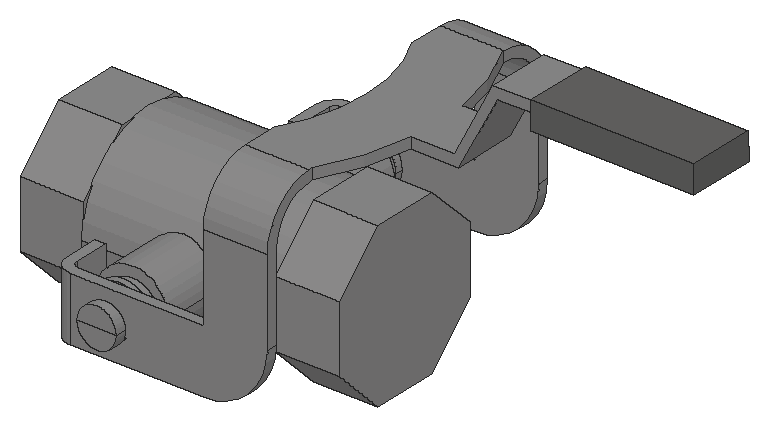
Revit family "G-2015_Valvula_Valvulas-Arco_Tajo-Pro", category Pipe Accessories, Revit 2015
Parameters (values of type "2½H x 2½H")
  Zona = ""
  VidaUtilEsperada = ""
  Version = "RVT2015"  # constant formula
  UnidadMedicion = ""
  Unidad = ""
  Uniclass2015Titulo = "Check valves"  # constant formula
  Uniclass2015Codigo = "65-54-95-13"  # constant formula
  URLProducto = ""
  URLPerfilProductoBimetica = "https://bimetica.com/es/objetos-bim-arco-valvula-tajo-pro-6233.html"
  URL de Declaracion de Prestaciones = ""
  UNSPSCTitulo = "Ball valves"  # constant formula
  UNSPSCCodigo = "40141607"  # constant formula
  Type Comments = "Agua potable y agua caliente sanitaria"  # constant formula
  Titular = "Vávulas Arco S.L "  # constant formula
  TipoEmbalajeProteccion = ""
  TiempoUtilDeVida = ""
  TiempoMedioEntreFallos = ""
  TemprerturaMinima = -20 °C
  TemperaturaMaxima = 140 °C  # constant formula
  TelefonoContacto = "0034 963 17 10 70"  # constant formula
  Tamano = D  # 2 1/2"
  Sistema = "Agua potable y agua caliente sanitaria"  # constant formula
  Serie = ""
  ResponsablePrescripcion = ""
  ResponsableCompra = ""
  ResiduosPeligrososPorUnidad = 0
  ResiduosNoPeligrososPorUnidad = 0
  ResiduoRadioactivoPorUnidad = 0
  ResiduoInertePorUnidad = 0
  ReferenciaLote = ""
  ReferenciaContactoSoporteTecnico = ""
  ReferenciaContactoComercialVenta = ""
  Referencia = "01036AC"
  Radio Nominal = 25.400 mm
  Radio A di = A di / 2  # 74.500 mm
  Radio Agujero = Diam. Agujeros / 2  # 9.000 mm
  Radio D = D * 0.6  # 38.100 mm
  R = Tamano / 2  # 1 1/4"
  PuntoDeContacto = ""
  PresionNominal = 30.00 bar  # constant formula
  PresionDeTrabajo = 0.00 bar
  PresionDePrueba = 0.00 bar
  PeriodoGarantia = ""
  PatronValvula = "STRAIGHT_2_PORT"  # constant formula
  PartidaURL = ""
  PaisVenta = ""
  OperacionValvula = "PALANCA"  # constant formula
  OmniclassTitulo = "Ball Valves"  # constant formula
  OmniclassCodigo = "23-27 31 15"  # constant formula
  NumeroSerie = ""
  NumeroArticuloGlobalComercial = ""
  NumeroArticulo = ""
  Numero de Licencia = "XXX-XXXX9536"  # constant formula
  Numero de Declaracion de Prestaciones = ""
  No. Agujeros = 8  # constant formula
  Model = "TAJO PRO BRIDAS"  # constant formula
  MecanismoValvula = "BALL"  # constant formula
  MaterialEnvoltura = ""
  MaterialContenedor = ""
  MaterialCarcasa = Latón Europeo CW617N
  MasterformatTitulo = "Hydraulic Valves"  # constant formula
  MasterformatCodigo = "35 20 19"  # constant formula
  Marcado CE = yes
  Manufacturer = "Vávulas Arco S.L"  # constant formula
  Mantenimiento = ""
  LugarEnsamblaje = ""
  C - Longitud = 150.000 mm
  InstruccionesEspeciales = ""
  InformacionTecnica = ""
  IfcExportType = "Ball Valve"  # constant formula
  IfcExportAs = "IfcValve"  # constant formula
  IdentificadorGarantia = ""
  Historial = "(RVT2015-V01) Creación del elemento"  # constant formula
  GarantiaExtendida = yes
  FormacionFotoquimicaOzonoPorUnidad = 0
  FechaVencimientoElementoBIM = "11/02/2021"  # constant formula
  FechaSuministro = ""
  FechaInicioGarantia = ""
  FechaFinGarantia = ""
  FechaEvaluacion = 0
  FechaEmisionElementoBIM = "11/02/2020"  # constant formula
  FechaCompra = ""
  FechaColocacion = ""
  FaseCicloVida = ""
  FaltaDeRecursosPorUnidad = 0
  F = 30.000 mm
  Exclusiones = ""
  EutrofizacionPorUnidad = 0
  EtiquetaModelo = ""
  Espacio = ""
  EnergiaRenovableConsumidaPorUnidad = 0
  EnergiaPrimariaTotalConsumidaPorUnidad = 0
  EnergiaNoRenovableConsumidaPorUnidad = 0
  Energia consumida = 0
  EmailContacto = "info@valvulasarco.es"  # constant formula
  Diam. Agujeros = 18.000 mm  # constant formula
  DestruccionCapaOzonoEstratosfericaPorUnidad = 0
  Description = "Válvula esfera doble eje TAJO PRO doble mando conexión embridada"  # constant formula
  DescripcionGubimclass = "Válvulas e instrumentos de medida y control de flujo de fontanería"  # constant formula
  DescripcionEvaluacion = ""
  A = 174.000 mm
  A di = A - 25.000 mm  # 149.000 mm
  CurvaSonido = 0
  Creditos LEED = ""
  Creditos BREEAM = ""
  CosteMantenimiento = 0
  Cost = 124.17
  ContenidoGarantia = ""
  Contacto = ""
  CondicionesEvaluacion = ""
  CondicionesDeVenta = ""
  CoeficienteDeCaudal = 418
  CodigoGubimclass = "50.10.20.10"  # constant formula
  CodigoBarras = ""
  Codigo = Referencia  # "01036AC"
  ClasificacionDeCierre = 0.00 bar
  Clase Brida = "PN16"  # constant formula
  CambioClimaticoPorUnidad = 0
  COBieCategoria = "IfcValve"  # constant formula
  K Coefficient = 0.35
  E = 116.000 mm
  BasePrecioProducto03 = ""
  BasePrecioProducto02 = ""
  BasePrecioProducto01 = ""
  BIM Support = ""
  B = 223.000 mm
  Autor = "Bimetica PDS"  # constant formula
  AnoProduccion = ""
  AguaConsumidaPorUnidad = 0
  AcidificacionAtmosfericaPorUnidad = 0
  Acabado = "Cromado"  # constant formula
  D = 63.500 mm
Types (4, lengths in mm): name | Tamano | Referencia | Radio Nominal | Radio A di | Radio D | R | C - Longitud | A | A di | Cost | Codigo | E | B | D
  (no name) | 2 1/2" | "01036AC" | 25.400 | 74.500 | 38.100 | 1 1/4" | 150.000 | 174.000 | 149.000 | 124.17 | "01036AC" | 116.000 | 223.000 | 63.500
  2H x 2H | 2" | "01036AC" | 31.750 | 64.500 | 30.480 | 1" | 126.000 | 154.000 | 129.000 | 80.68 | "01036AC" | 96.000 | 203.000 | 50.800
  2½H x 2½H | 2 1/2" | "01036AC" | 25.400 | 74.500 | 38.100 | 1 1/4" | 150.000 | 174.000 | 149.000 | 124.17 | "01036AC" | 116.000 | 223.000 | 63.500
  3H x 3H | 3" | "01038AC" | 38.100 | 95.000 | 45.720 | 1 1/2" | 164.000 | 215.000 | 190.000 | 272.43 | "01038AC" | 103.000 | 298.000 | 76.200
Reference planes
  plane 1 "Center (Front/Back)": y = 0
  plane 2: z = 0
  plane 3 "Center (Left/Right)": x = 0
  plane 4 "Left": x = -75
  plane 5 "Right": x = 75
  plane 6: x = 223
  plane 7: y = 31.75
  plane 8: y = -31.75
  plane 9: x = 45
  plane 10: x = -45
  plane 11: z = 63.5
  plane 12: z = 116
  plane 13: z = 89.75
  plane 14: z = 102.875
  plane 15: z = 76.625
  plane 16: y = 174
  plane 17: x = 10
  plane 18: y = 74.5
  plane 19 "1": y = 87
  plane 20: y = -74.5
  plane 21 "2": y = -87
Forms (mm)
  Revolve 1, solid, material "Latón Europeo CW617N" <- "MaterialCarcasa", detail levels fine
    sketch origin (0, 0, 0) x (1, 0, 0) y (0, 1, 0)
      loop
        line (0, -87) -> (9.29, -87) -> (9.29, -74.5) -> (13.75, -74.5) -> (13.75, -71.2) -> (12, -71.2) -> (12, -66.2) -> (17, -66.2) -> (17, 66.2) -> (12, 66.2) -> (12, 71.2) -> (13.75, 71.2) -> (13.75, 74.5) -> (9.29, 74.5) -> (9.29, 87) -> (0, 87) -> (0, -87)
      axis (0, 87) -> (0, -87)
    angle from 0 to 360
  Revolve 2, solid, material "Latón Europeo CW617N" <- "MaterialCarcasa", detail levels fine
    sketch origin (0, 0, 0) x (1, 0, 0) y (0, 1, 0)
      loop
        line (-45, -39.75) -> (18.5, -39.75) -> (22.5, -35.75) -> (45, -35.75) -> (45, 0) -> (-45, 0) -> (-45, -39.75)
      axis (45, 0) -> (-45, 0)
    angle from 0 to 360
  Extrusion 3, solid, material "Latón Europeo CW617N" <- "MaterialCarcasa", detail levels fine
    sketch origin (0, 0, 0) x (1, 0, 0) y (0, 1, 0)
      loop
        line (76, -82) -> (76, -77) -> (-17, -77)
        arc (-17, -77) -> (-19.121, -76.121) -> (-20, -74) r 3
        line (-20, -74) -> (-20, -57) -> (-25, -57) -> (-25, -73)
        arc (-25, -73) -> (-22.364, -79.364) -> (-16, -82) r 9
        line (-16, -82) -> (76, -82)
      loop
        line (76, 82) -> (-16, 82)
        arc (-16, 82) -> (-22.364, 79.364) -> (-25, 73) r 9
        line (-25, 73) -> (-25, 57) -> (-20, 57) -> (-20, 74)
        arc (-20, 74) -> (-19.121, 76.121) -> (-17, 77) r 3
        line (-17, 77) -> (76, 77) -> (76, 82)
    from -15.125 to 14.875
  Extrusion 4, solid, material "Latón Europeo CW617N" <- "MaterialCarcasa", detail levels fine
    sketch origin (0, 0, 0) x (0, 1, 0) y (0, 0, 1)
      loop
        line (55.74, 80) -> (55.74, 75) -> (57, 75)
        arc (57, 75) -> (71.142, 69.142) -> (77, 55) r 20
        line (77, 55) -> (77, 14.875) -> (82, 14.875) -> (82, 55)
        arc (82, 55) -> (74.678, 72.678) -> (57, 80) r 25
        line (57, 80) -> (55.74, 80)
      loop
        line (-55.74, 80) -> (-57, 80)
        arc (-57, 80) -> (-74.678, 72.678) -> (-82, 55) r 25
        line (-82, 55) -> (-82, 14.875) -> (-77, 14.875) -> (-77, 55)
        arc (-77, 55) -> (-71.142, 69.142) -> (-57, 75) r 20
        line (-57, 75) -> (-55.74, 75) -> (-55.74, 80)
    from 46 to 76
  Extrusion 5, solid, material "Latón Europeo CW617N" <- "MaterialCarcasa", detail levels fine
    sketch origin (-23.956, -4572, 76.625) x (-1, 0, 0) y (0, -1, 0)
      loop
        arc (-99.956, -4516.26) -> (-114.677, -4572) -> (-99.956, -4627.74) r 112.89
        line (-99.956, -4627.74) -> (-69.956, -4627.74) -> (-69.956, -4612.353)
        arc (-69.956, -4612.353) -> (-81.004, -4572) -> (-69.956, -4531.647) r 79.217
        line (-69.956, -4531.647) -> (-69.956, -4516.26) -> (-99.956, -4516.26)
    from -1.625 to 3.375
  Extrusion 6, solid, material "Latón Europeo CW617N" <- "MaterialCarcasa", detail levels fine
    sketch origin (0, 0, 0) x (1, 0, 0) y (0, 0, 1)
      loop
        line (75, 80) -> (75, 75) -> (112.021, 75) -> (130.146, 110) -> (146.6, 110) -> (146.6, 115) -> (128.075, 115) -> (109.95, 80) -> (75, 80)
    from -15.137 to 14.863
  Extrusion 7, solid, material "Acero Inoxidable Negro", detail levels fine
    sketch origin (146.6, 0, 110) x (0, 0, 1) y (0, -1, 0)
      loop
        line (6, 15.863) -> (-7.125, 15.863) -> (-7.125, -16.137) -> (6, -16.137) -> (6, 15.863)
    from 0 to 76.4
  Extrusion 8, solid, material "Latón Europeo CW617N" <- "MaterialCarcasa", detail levels medium+fine
    sketch origin (0, 0, 0) x (0, 1, 0) y (0, 0, 1)
      loop
        line (15.782, -38.1) -> (38.1, -15.782) -> (38.1, 15.782) -> (15.782, 38.1) -> (-15.782, 38.1) -> (-38.1, 15.782) -> (-38.1, -15.782) -> (-15.782, -38.1) -> (15.782, -38.1)
    from 45 to 75
  Extrusion 9, solid, material "Latón Europeo CW617N" <- "MaterialCarcasa", detail levels medium+fine
    sketch origin (0, 0, 0) x (0, 1, 0) y (0, 0, 1)
      loop
        line (15.782, 38.1) -> (-15.782, 38.1) -> (-38.1, 15.782) -> (-38.1, -15.782) -> (-15.782, -38.1) -> (15.782, -38.1) -> (38.1, -15.782) -> (38.1, 15.782) -> (15.782, 38.1)
    from -75 to -45
  Extrusion 10, void
    sketch origin (0, 0, 0) x (1, 0, 0) y (0, 0, 1)
      loop
        line (46, -15.125) -> (76, -15.125) -> (76, 14.875)
        arc (76, 14.875) -> (67.213, -6.338) -> (46, -15.125) r 30
    from -87 to 87
Cuts and joins
  Extrusion 10 cuts Extrusion 3
  Extrusion 10 cuts Extrusion 4
  Extrusion 10 cuts Extrusion 5
  Extrusion 10 cuts Extrusion 6
  joined: Extrusion 3, Extrusion 4, Extrusion 5, Extrusion 6
Lines and regions (mm)
  model lines, detail levels coarse+medium
    curve 1: circle (0, 0, 0) r 38.1 normal (0, 0, 1)
    curve 2: line (0, 38.1, 0) -> (0, 174, 0)
    curve 3: line (0, 174, 0) -> (223, 174, 0)
    curve 4: line (-75, 31.75, 0) -> (-75, -31.75, 0)
    curve 5: line (75, 31.75, 0) -> (75, -31.75, 0)
  reference lines
    curve 6: line (0, 0, 0) -> (0, -155.563, -155.563)
    curve 7: line (0, 0, 0) -> (0, 155.563, -155.563)
Dimensions and locks
  equal spacing: plane 4 "Left", plane 3 "Center (Left/Right)", plane 5 "Right"
  "C - Longitud": plane 4 "Left" to plane 5 "Right"
  "B": plane 3 "Center (Left/Right)" to plane 6
  "D": plane 7 to plane 8
  equal spacing: plane 7, plane 1 "Center (Front/Back)", plane 8
  "F": plane 9 to plane 5 "Right"
  "F": plane 4 "Left" to plane 10
  "E": plane 12 to plane 2
  equal spacing: plane 12, plane 14, plane 13, plane 15, plane 11
  "A": plane 16 to plane 1 "Center (Front/Back)"
  plane 3 "Center (Left/Right)" to plane 17 = 10.000 mm
  "D": plane 11 to plane 2
  equal spacing: plane 20, plane 1 "Center (Front/Back)", plane 18
  "A di": plane 18 to plane 20
  equal spacing: plane 19 "1", plane 1 "Center (Front/Back)", plane 21 "2"
  "A": plane 19 "1" to plane 21 "2"
  plane 20 to Revolve 1 sketch curve to Revolve 1 sketch curve = 3.300 mm locked, 5.000 mm locked
  plane 18 to Revolve 1 sketch curve to Revolve 1 sketch curve = 3.300 mm locked, 5.000 mm locked
  Revolve 1 sketch curve to Revolve 1 sketch curve to Revolve 1 sketch curve to Revolve 1 sketch curve to Revolve 1 sketch curve = 9.290 mm locked, 2.710 mm locked, 1.750 mm locked, 3.250 mm locked
  Extrusion 3 sketch curve to Extrusion 3 sketch curve to plane 20 to Extrusion 3 sketch curve = 5.000 mm locked, 2.500 mm locked, 17.500 mm locked
  Extrusion 3 sketch curve to Extrusion 3 sketch curve to plane 18 to Extrusion 3 sketch curve = 5.000 mm locked, 2.500 mm locked, 17.500 mm locked
  Extrusion 3 sketch curve to Extrusion 3 sketch curve to plane 3 "Center (Left/Right)" = 5.000 mm locked, 20.000 mm locked  (x2)
  Extrusion 4 sketch curve to Extrusion 4 sketch curve to plane 18 to Extrusion 4 sketch curve = 5.000 mm locked, 2.500 mm locked, 18.760 mm locked
  Extrusion 4 sketch curve to plane 20 to Extrusion 4 sketch curve to Extrusion 4 sketch curve = 18.760 mm locked, 2.500 mm locked, 5.000 mm locked
  Extrusion 4 sketch curve to plane 15 to Extrusion 4 sketch curve = 3.375 mm locked, 1.625 mm locked  (x2)
  Extrusion 4 to plane 5 "Right" to Extrusion 4 = 29.000 mm locked, 1.000 mm locked
  Extrusion 5 sketch curve to Extrusion 5 sketch curve to plane 5 "Right" = 0.000 mm locked, 97.169 mm locked
  plane 5 "Right" to Extrusion 6 sketch curve to Extrusion 6 sketch curve to Extrusion 6 sketch curve to Extrusion 6 sketch curve to Extrusion 6 sketch curve to Extrusion 6 sketch curve = 0.000 mm locked, 34.950 mm locked, 2.071 mm locked, 16.054 mm locked, 2.071 mm locked, 16.453 mm locked
  Extrusion 6 sketch curve to plane 15 to Extrusion 6 sketch curve = 3.375 mm locked, 1.625 mm locked
  plane 12 to Extrusion 6 sketch curve to Extrusion 6 sketch curve = 1.000 mm locked, 5.000 mm locked
  locked: Extrusion 7 sketch curve to Extrusion 6 at 1
  locked: Extrusion 6 to Extrusion 7 sketch curve at 1
  Revolve 2 sketch curve to Revolve 2 sketch curve to plane 8 = 4.000 mm locked, 4.000 mm locked
  locked: plane 5 "Right" to Extrusion 3 sketch curve at 1  (x2)
  equal spacing: plane 3 "Center (Left/Right)", Revolve 2 sketch curve, plane 9
  "Radio D": Extrusion 8 sketch curve to plane 1 "Center (Front/Back)"
  "Radio D": plane 1 "Center (Front/Back)" to Extrusion 8 sketch curve
  "Radio D": curve 7 to Extrusion 8 sketch curve  (x2)
  "Radio D": plane 2 to Extrusion 8 sketch curve  (x2)
  "Radio D": curve 6 to Extrusion 8 sketch curve  (x2)
  "Radio D": radius of curve 1
  locked: plane 1 "Center (Front/Back)" to curve 6 (angle 45.00°)
  locked: curve 7 to plane 1 "Center (Front/Back)" (angle 45.00°)
  locked: Revolve 2 sketch curve to Revolve 2 sketch curve (angle 45.00°)
  aligned and locked: plane 3 "Center (Left/Right)" to curve 1
  aligned and locked: plane 1 "Center (Front/Back)" to curve 1
  aligned and locked: curve 3 to plane 16
  aligned and locked: plane 6 to curve 3
  aligned and locked: plane 7 to curve 4
  aligned and locked: plane 8 to curve 4
  aligned and locked: plane 7 to curve 5
  aligned and locked: plane 8 to curve 5
  aligned and locked: Revolve 2 sketch curve to plane 1 "Center (Front/Back)"
  aligned and locked: Revolve 2 sketch curve to Revolve 2 sketch curve
  aligned and locked: plane 10 to Revolve 2 sketch curve
  aligned and locked: Revolve 2 sketch curve to plane 9
  aligned and locked: Revolve 1 sketch curve to plane 3 "Center (Left/Right)"
  aligned and locked: Revolve 1 sketch curve to Revolve 1 sketch curve  (x4)
  aligned and locked: plane 19 "1" to Revolve 1 sketch curve
  aligned and locked: Revolve 1 sketch curve to plane 21 "2"
  aligned and locked: Revolve 1 sketch curve to plane 20
  aligned and locked: plane 18 to Revolve 1 sketch curve
  aligned and locked: Extrusion 3 to Extrusion 4 sketch curve
  aligned and locked: Extrusion 4 sketch curve to Extrusion 3
  aligned and locked: Extrusion 5 sketch curve to Extrusion 4  (x3)
  aligned and locked: plane 1 "Center (Front/Back)" to Extrusion 5 sketch curve  (x2)
  aligned and locked: Extrusion 4 to Extrusion 5 sketch curve
  aligned and locked: Extrusion 7 sketch curve to plane 12
  aligned and locked: plane 14 to Extrusion 7 sketch curve
  aligned and locked: plane 6 to Extrusion 7
  aligned and locked: plane 1 "Center (Front/Back)" to curve 6
  aligned and locked: plane 2 to curve 7
  aligned and locked: Extrusion 8 to plane 5 "Right"
  aligned and locked: Extrusion 8 to plane 9
  aligned and locked: Extrusion 9 sketch curve to Extrusion 8  (x8)
  aligned and locked: Extrusion 9 to plane 4 "Left"
  aligned and locked: plane 10 to Extrusion 9
  aligned and locked: Extrusion 10 sketch curve to cut or joined group of Extrusion 3, Extrusion 4, Extrusion 5, Extrusion 6, Extrusion 10  (x2)
  aligned and locked: Extrusion 10 to Revolve 1  (x2)
Automatic sketch dimensions
  Revolve 1 sketch curve to Revolve 1 sketch curve = 1401.000 mm
  plane 16 to Revolve 1 sketch curve = 1278.000 mm
  Extrusion 4 sketch curve to Extrusion 4 sketch curve = 0.000 mm  (x2)
  Extrusion 4 sketch curve to plane 20 = 17.500 mm
  Extrusion 4 sketch curve to plane 18 = 17.500 mm
  Extrusion 5 sketch curve to plane 5 "Right" = 1.000 mm
  plane 7 to Extrusion 5 sketch curve = 8.603 mm
  Extrusion 3 sketch curve to plane 20 = 0.500 mm
  Extrusion 3 sketch curve to plane 18 = 0.500 mm
  Extrusion 3 sketch curve to Extrusion 3 sketch curve = 1.000 mm  (x2)
  Revolve 2 sketch curve to plane 4 "Left" = 1484.000 mm
  plane 6 to Revolve 2 sketch curve = 1412.000 mm
  plane 9 to Extrusion 10 sketch curve = 1.000 mm
  curve 4 to plane 4 "Left" = 0.000 mm
  curve 3 to plane 3 "Center (Left/Right)" = 0.000 mm
  curve 5 to plane 5 "Right" = 0.000 mm
Connectors
  piping at (-75, 0, 0), diameter 50.8, driven by "Radio Nominal"
    settings: on Extrusion 9, index 1, connector inside diameter 24", connector length 0.000 mm, flow factor 0, pipe flow 0 GPM, pressure drop 0.00 bar, fitting loss kfactor 0, connector angle 0.00°, fixture units 0, engagement length 0.000 mm, angle of deflection 0.00°, flow configuration 0, flow direction 1, fitting loss method 0, system type 29, joint type 0, gender type 0, connector reference index 2, connector utility 0, adjustable connector no, is connector primary yes, connector description ""
  piping at (75, 0, 0), diameter 50.8, driven by "Radio Nominal", driven by "K Coefficient"
    settings: on Extrusion 8, index 2, connector inside diameter 24", connector length 0.000 mm, flow factor 0, pipe flow 0 GPM, pressure drop 0.00 bar, fitting loss kfactor 0.35, connector angle 0.00°, fixture units 0, engagement length 0.000 mm, angle of deflection 0.00°, flow configuration 0, flow direction 2, fitting loss method 2, system type 29, joint type 0, gender type 0, connector reference index 1, connector utility 0, adjustable connector no, is connector primary no, connector description ""
